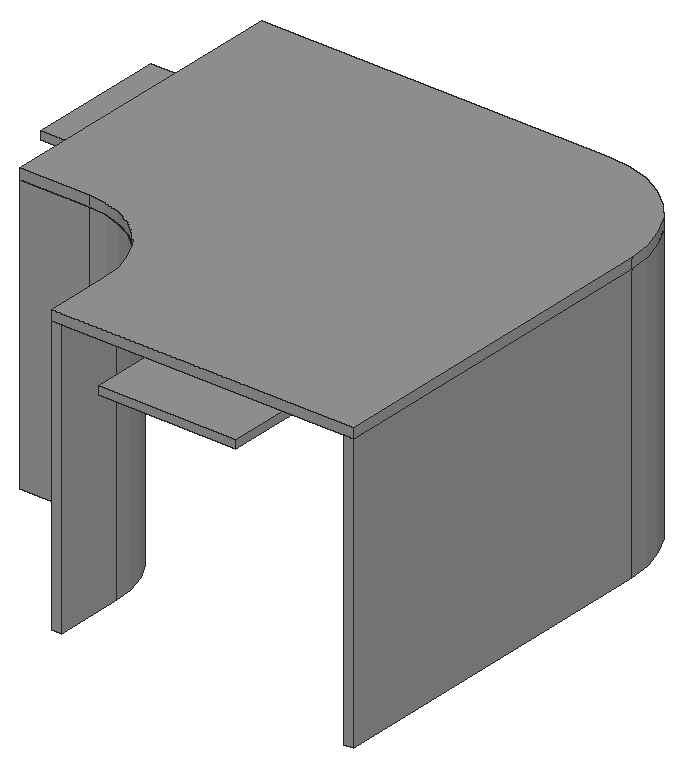
Revit family "Flachwinkelhaube WDK HF60060RW", category Generic Models, Revit 2017
Family settings
  Can host rebar = No
  Round Connector Dimension = Use Diameter
  Part Type = Normal
  Work Plane-Based = No
  Always vertical = Yes
  Cut with Voids When Loaded = No
  Shared = No
  Room Calculation Point = No
Parameters (values of type "WDK HF60060RW")
  Width = 60 mm
  Material = Polyvinylchlorid
  Manufacturer Art.No. = "6192912"
  Manufacturer = "OBO BETTERMANN"
  Height = 60 mm
  GTIN = "4012196712694"
  Article Type = "WDK HF60060RW"
Reference planes
  plane 1 "Center (Front/Back)": y = 0
  plane 2: z = 0
  plane 3 "Center (Left/Right)": x = 0
  plane 4: y = 100.9
  plane 5: x = 100.9
  plane 6: y = 35
  plane 7: x = 35
  plane 8: z = 62.7
  plane 9: z = 60.5
  plane 10: z = 58.5
  plane 11: y = 8.7
  plane 12: y = -10
  plane 13: x = 68.2
  plane 14: x = 83.2
  plane 15: x = 53.2
  plane 16: through (0, 0, 1200) normal (-0.7071, 0.7071, 0)
  plane 17: z = 58.5
  plane 18: x = 8.7
  plane 19: x = -10
Forms (mm)
  Extrusion 1, solid, material "Polyvinylchlorid" <- "Material"
    sketch origin (0, 0, 0) x (1, 0, 0) y (0, 1, 0)
      loop
        line (0, 100.9) -> (0, 35) -> (15, 35)
        arc (15, 35) -> (29.142, 29.142) -> (35, 15) r 20
        line (35, 15) -> (35, 0) -> (100.9, 0) -> (100.9, 75.9)
        arc (100.9, 75.9) -> (93.578, 93.578) -> (75.9, 100.9) r 25
        line (75.9, 100.9) -> (0, 100.9)
    from 60.5 to 62.7
  Extrusion 2, solid, material "Polyvinylchlorid" <- "Material"
    sketch origin (0, 0, 0) x (1, 0, 0) y (0, 1, 0)
      loop
        line (0, 100.9) -> (0, 98.7) -> (75.9, 98.7)
        arc (75.9, 98.7) -> (92.022, 92.022) -> (98.7, 75.9) r 22.8
        line (98.7, 75.9) -> (98.7, 0) -> (100.9, 0) -> (100.9, 75.9)
        arc (100.9, 75.9) -> (93.578, 93.578) -> (75.9, 100.9) r 25
        line (75.9, 100.9) -> (0, 100.9)
      loop
        line (0, 35) -> (15, 35)
        arc (15, 35) -> (29.142, 29.142) -> (35, 15) r 20
        line (35, 15) -> (35, 0) -> (37.2, 0) -> (37.2, 15)
        arc (37.2, 15) -> (30.698, 30.698) -> (15, 37.2) r 22.2
        line (15, 37.2) -> (0, 37.2) -> (0, 35)
    from 0 to 60.5
  Extrusion 3, solid, material "Polyvinylchlorid" <- "Material"
    sketch origin (0, 0, 0) x (0, 1, 0) y (0, 0, 1)
      loop
        line (-10.014, 58.5) -> (-10.014, 56.8) -> (8.7, 56.8) -> (8.7, 60.5) -> (7, 60.5) -> (7, 58.5) -> (-10.014, 58.5)
    from 53.2 to 83.2
  Extrusion 4, solid, material "Polyvinylchlorid" <- "Material"
    sketch origin (0, 0, 0) x (1, 0, 0) y (0, 0, -1)
      loop
        line (-10.014, -58.5) -> (7, -58.5) -> (7, -60.5) -> (8.7, -60.5) -> (8.7, -56.8) -> (-10.014, -56.8) -> (-10.014, -58.5)
    from 53.2 to 83.2
Dimensions and locks
  locked: Extrusion 1 sketch curve to Extrusion 1 sketch curve at 100.9  (x2)
  locked: Extrusion 1 sketch curve to Extrusion 1 sketch curve at 65.9  (x2)
  locked: plane 8 to level at 62.7
  locked: Extrusion 1 to Extrusion 2 sketch curve at 2.2  (x3)
  locked: Extrusion 2 sketch curve to Extrusion 1 at 2.2
  locked: Extrusion 1 to Extrusion 1 at 100.9
  locked: plane 1 "Center (Front/Back)" to plane 11 at 8.7
  locked: plane 12 to plane 1 "Center (Front/Back)" at 10
  locked: Extrusion 3 sketch curve to Extrusion 3 sketch curve at 18.714
  locked: Extrusion 3 sketch curve to Extrusion 2 at 3.7
  locked: Extrusion 3 sketch curve to Extrusion 3 sketch curve at 1.7  (x2)
  Extrusion 2 to Extrusion 2 = 61.5 mm
  plane 13 to Extrusion 2 = 31 mm
  locked: Extrusion 4 sketch curve to Extrusion 4 sketch curve at 18.714
  locked: Extrusion 4 sketch curve to Extrusion 4 sketch curve at 1.7  (x2)
  aligned and locked: level to plane 2
  aligned and locked: plane 1 "Center (Front/Back)" to Extrusion 1
  aligned and locked: Extrusion 1 to plane 3 "Center (Left/Right)"
  aligned and locked: plane 8 to Extrusion 1
  aligned and locked: Extrusion 1 to plane 9
  aligned and locked: Extrusion 2 sketch curve to Extrusion 1
  aligned and locked: Extrusion 2 sketch curve to plane 1 "Center (Front/Back)"
  aligned and locked: plane 1 "Center (Front/Back)" to Extrusion 2  (x2)
  aligned and locked: Extrusion 2 to plane 3 "Center (Left/Right)"  (x2)
  aligned and locked: Extrusion 2 to Extrusion 1
  aligned and locked: Extrusion 2 to level
  aligned and locked: Extrusion 3 to Extrusion 1
  aligned and locked: Extrusion 3 to plane 15
  aligned and locked: plane 14 to Extrusion 3
Automatic sketch dimensions
  Extrusion 1 sketch curve to plane 3 "Center (Left/Right)" = 0 mm
  plane 6 to Extrusion 1 sketch curve = 0 mm
  plane 3 "Center (Left/Right)" to Extrusion 1 sketch curve = 15 mm
  Extrusion 1 sketch curve to plane 14 = 7.3 mm
  Extrusion 2 sketch curve to Extrusion 2 sketch curve = 0 mm  (x4)
  Extrusion 2 sketch curve to plane 3 "Center (Left/Right)" = 0 mm  (x2)
  Extrusion 2 sketch curve to plane 1 "Center (Front/Back)" = 15 mm
  Extrusion 2 sketch curve to Extrusion 2 sketch curve = 2.2 mm  (x2)
  Extrusion 2 sketch curve to plane 14 = 7.3 mm
  Extrusion 3 sketch curve to plane 9 = 0 mm
  Extrusion 3 sketch curve to plane 11 = 0 mm
  Extrusion 4 sketch curve to plane 17 = 0 mm
  Extrusion 4 sketch curve to plane 9 = 0 mm
  Extrusion 4 sketch curve to plane 18 = 0 mm
